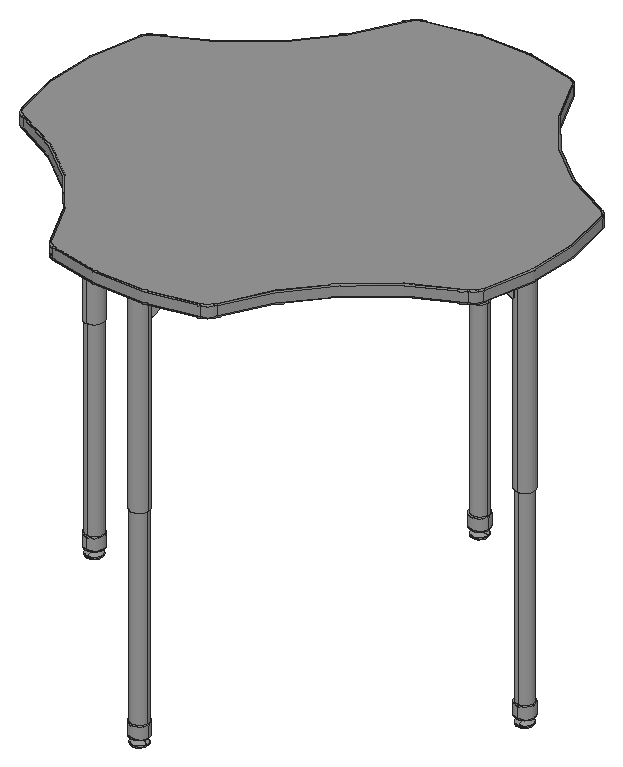
Revit family "Hierarchy Activity 48in Clover Table - Standing Height", category Furniture, Revit 2018
Family settings
  Work Plane-Based = No
  Always vertical = Yes
  Cut with Voids When Loaded = No
  Shared = No
  Room Calculation Point = No
Parameters
  Table Height = 3' - 5"
  Surface = Hierarchy Activity 48" Clover Table Standing Surface
  Leg Finish = Hierarchy Leg Platinum
  Edgeband = Hierarchy Activity 48" Clover Table Standing Edgeband
  Caster/Glide = Hierarchy Standing Leg - Glide : Hierarchy Standing Leg - Glide
Reference planes (in)
  plane 1 "Center (Front/Back)": y = 0
  plane 2: z = 0
  plane 3 "Center (Left/Right)": x = 0
  plane 4: z = 41
Dimensions and locks (in)
  "Table Height": plane 4 to level
  aligned and locked: plane 2 to level
  aligned and locked: nested 1 to plane 4
Nested families (in)
  nested 1: "Activity 48x48 Clover Tabletop" at (0, 0, 17.075), type "Activity 48x48 Clover Tabletop"
  nested 2: "Hierarchy Standing Leg - Glide" at (0, 21, 0), Leg Height <- "Table Height", type <- "Caster/Glide", Leg Finish <- "Leg Finish", type "Hierarchy Standing Leg - Glide"
  nested 3: "Hierarchy Standing Leg - Glide" at (0, -21, 0) x (-1, 0, 0) z (0, 0, 1), Leg Height <- "Table Height", Leg Finish <- "Leg Finish", type "Hierarchy Standing Leg - Glide"
  nested 4: "Hierarchy Standing Leg - Glide" at (0, 21, 0), type <- "Caster/Glide", Leg Finish <- "Leg Finish", Leg Height <- "Table Height", type "Hierarchy Standing Leg - Glide"
  nested 5: "Hierarchy Standing Leg - Glide" at (21.26614, 0, 0) x (0, -1, 0) z (0, 0, 1), Leg Finish <- "Leg Finish", Leg Height <- "Table Height", type "Hierarchy Standing Leg - Glide"
  nested 6: "Hierarchy Standing Leg - Glide" at (-21.26614, 0, 0) x (0, 1, 0) z (0, 0, 1), type <- "Caster/Glide", Leg Finish <- "Leg Finish", Leg Height <- "Table Height", type "Hierarchy Standing Leg - Glide"
Definition of nested family "Activity 48x48 Clover Tabletop"
  Parameters (values of type "Activity 48x48 Clover Tabletop")
    Surface = none
    Edgeband = none
  Reference planes (in)
    plane 1 "Center (Front/Back)": y = 0
    plane 2: z = 0
    plane 3 "Center (Left/Right)": x = 0
  Forms (in)
    Extrusion 1, solid, material <- "Surface"
      sketch origin (0, 0, 0) x (1, 0, 0) y (0, 1, 0)
        loop
          arc (-7.0983, 22.82372) -> (-7.62556, 22.51321) -> (-7.96704, 22.00546) r 1.38189
          arc (-7.96704, 22.00546) -> (-13.40926, 13.64618) -> (-21.76854, 8.20396) r 24.1181
          arc (-21.76854, 8.20396) -> (-22.27629, 7.86247) -> (-22.58681, 7.33521) r 1.3819
          arc (-22.58681, 7.33521) -> (-23.71782, 0.07284) -> (-22.58681, -7.18953) r 23.88178
          arc (-22.58681, -7.18953) -> (-22.27629, -7.71679) -> (-21.76855, -8.05827) r 1.3819
          arc (-21.76855, -8.05827) -> (-13.40927, -13.50051) -> (-7.96704, -21.85978) r 24.11826
          arc (-7.96704, -21.85978) -> (-7.62555, -22.36753) -> (-7.0983, -22.67804) r 1.3819
          arc (-7.0983, -22.67804) -> (0.16407, -23.80906) -> (7.42645, -22.67804) r 23.88159
          arc (7.42645, -22.67804) -> (7.9537, -22.36752) -> (8.29519, -21.85978) r 1.3819
          arc (8.29519, -21.85978) -> (13.73742, -13.50051) -> (22.09669, -8.05827) r 24.1183
          arc (22.09669, -8.05827) -> (22.60444, -7.71679) -> (22.91495, -7.18953) r 1.38189
          arc (22.91495, -7.18953) -> (24.04596, 0.07284) -> (22.91495, 7.33521) r 23.88199
          arc (22.91495, 7.33521) -> (22.60444, 7.86247) -> (22.09669, 8.20396) r 1.38189
          arc (22.09669, 8.20396) -> (13.73742, 13.64619) -> (8.29519, 22.00546) r 24.11819
          arc (8.29519, 22.00546) -> (7.9537, 22.51321) -> (7.42645, 22.82372) r 1.38189
          arc (7.42645, 22.82372) -> (0.16407, 23.95473) -> (-7.0983, 22.82372) r 23.88186
      from 23.925 to 25.125
    Sweep 2, solid, material <- "Edgeband"
      path origin (0, 0, 0) x (1, 0, 0) y (0, 1, 0)
        loop
          arc (7.42645, 22.82372) -> (0.16407, 23.95473) -> (-7.0983, 22.82372) r 23.88186
          arc (-7.0983, 22.82372) -> (-7.62556, 22.51321) -> (-7.96704, 22.00546) r 1.38189
          arc (-7.96704, 22.00546) -> (-13.40926, 13.64618) -> (-21.76854, 8.20396) r 24.1181
          arc (-21.76854, 8.20396) -> (-22.27629, 7.86247) -> (-22.58681, 7.33521) r 1.3819
          arc (-22.58681, 7.33521) -> (-23.71782, 0.07284) -> (-22.58681, -7.18953) r 23.88178
          arc (-22.58681, -7.18953) -> (-22.27629, -7.71679) -> (-21.76855, -8.05827) r 1.3819
          arc (-21.76855, -8.05827) -> (-13.40927, -13.50051) -> (-7.96704, -21.85978) r 24.11826
          arc (-7.96704, -21.85978) -> (-7.62555, -22.36753) -> (-7.0983, -22.67804) r 1.3819
          arc (-7.0983, -22.67804) -> (0.16407, -23.80906) -> (7.42645, -22.67804) r 23.88159
          arc (7.42645, -22.67804) -> (7.9537, -22.36752) -> (8.29519, -21.85978) r 1.3819
          arc (8.29519, -21.85978) -> (13.73742, -13.50051) -> (22.09669, -8.05827) r 24.1183
          arc (22.09669, -8.05827) -> (22.60444, -7.71679) -> (22.91495, -7.18953) r 1.38189
          arc (22.91495, -7.18953) -> (24.04596, 0.07284) -> (22.91495, 7.33521) r 23.88199
          arc (22.91495, 7.33521) -> (22.60444, 7.86247) -> (22.09669, 8.20396) r 1.38189
          arc (22.09669, 8.20396) -> (13.73742, 13.64619) -> (8.29519, 22.00546) r 24.11819
          arc (8.29519, 22.00546) -> (7.9537, 22.51321) -> (7.42645, 22.82372) r 1.38189
      profile origin (0.16407, 23.95473, 0) x (0, -1, 0) y (0, 0, 1)
        loop
          line (0, 23.925) -> (0, 25.125)
          arc (0, 25.125) -> (-0.08352, 25.09041) -> (-0.11811, 25.00689) r 0.11811
          line (-0.11811, 25.00689) -> (-0.11811, 24.04311)
          arc (-0.11811, 24.04311) -> (-0.08352, 23.95959) -> (0, 23.925) r 0.11811
  Dimensions and locks (in)
    aligned and locked: plane 2 to level
Definition of nested family "Hierarchy Standing Leg - Glide"
  Parameters (values of type "Hierarchy Standing Leg - Glide")
    Leg Finish [instance] = none
    Leg Height [instance] = 3' - 5"
  Reference planes (in)
    plane 1 "Center (Front/Back)": y = 0
    plane 2: z = 0
    plane 3 "Center (Left/Right)": x = 0
  Forms (in)
    Extrusion 1, solid
      sketch origin (-0.01562, 0, 0) x (1, 0, 0) y (0, 1, 0)
        loop
          circle (0.01563, 0) r 0.79147
      from 2 to 23.175
    Revolve 2, solid
      sketch origin (0, 0, 0) x (1, 0, 0) y (0, 0, 1)
        loop
          line (0, 2) -> (0, 0.74937) -> (0.84838, 0.74937)
          arc (0.84838, 0.74937) -> (0.89342, 0.76803) -> (0.91207, 0.81306) r 0.06369
          line (0.91207, 0.81306) -> (0.91207, 1.93631)
          arc (0.91207, 1.93631) -> (0.89342, 1.98134) -> (0.84838, 2) r 0.06369
          line (0.84838, 2) -> (0, 2)
        axis (0, 2) -> (0, 0.74937)
      angle from 0 to 360
    Revolve 3, solid
      sketch origin (0, 0, 0) x (1, 0, 0) y (0, 0, 1)
        loop
          line (0, 0.75) -> (0, 0) -> (0.74583, 0) -> (0.79147, 0.09013) -> (0.79147, 0.16241) -> (0.12474, 0.5) -> (0.12474, 0.75) -> (0, 0.75)
        axis (0, 0.75) -> (0, 0)
      angle from 0 to 360
  Dimensions and locks (in)
    "Leg Height": nested 1 to level
    aligned and locked: plane 2 to level
  Automatic sketch dimensions
    plane 1 "Center (Front/Back)" to Extrusion 1 sketch curve = 0' - 0"
    Extrusion 1 sketch curve to plane 3 "Center (Left/Right)" = 0' - 0"
    Revolve 2 sketch curve to plane 3 "Center (Left/Right)" = 0' - 0"  (x2)
    plane 3 "Center (Left/Right)" to Revolve 2 sketch curve = 0' - 0.84838"
    Revolve 2 sketch curve to Revolve 2 sketch curve = 0' - 0.84838"
    Revolve 2 sketch curve to Revolve 2 sketch curve = 0' - 0.06369"
    level to Revolve 2 sketch curve = 0' - 0.74937"
    Revolve 2 sketch curve to Revolve 2 sketch curve = 0' - 1.12324"
    Revolve 2 sketch curve to Revolve 2 sketch curve = 0' - 0.13731"
    Revolve 2 sketch curve to Revolve 2 sketch curve = 0' - 0 3/4"
    Revolve 3 sketch curve to plane 3 "Center (Left/Right)" = 0' - 0"  (x2)
    Revolve 3 sketch curve to level = 0' - 0"
    plane 3 "Center (Left/Right)" to Revolve 3 sketch curve = 0' - 0.12474"
    plane 3 "Center (Left/Right)" to Revolve 3 sketch curve = 0' - 0.74583"
    Revolve 3 sketch curve to Revolve 3 sketch curve = 0' - 0.04564"
    level to Revolve 3 sketch curve = 0' - 0.09013"
    Revolve 3 sketch curve to Revolve 3 sketch curve = 0' - 0.07228"
    level to Revolve 3 sketch curve = 0' - 0 1/2"
    Revolve 3 sketch curve to Revolve 3 sketch curve = 0' - 0 1/4"
    Revolve 3 sketch curve to level = 0' - 0 1/8"
    Revolve 3 sketch curve to Revolve 3 sketch curve = 0' - 0 1/8"
    radius of Extrusion 1 sketch curve = 0' - 0.79147"
  Nested families (in)
    nested 1: "Hierarchy Standing Upper Leg 2023" at (0, 0, 0.19983), Leg Finish <- "Leg Finish", type "Hierarchy Standing Upper Leg 2023"
      with Leg Finish none
  Definition of nested family "Hierarchy Standing Upper Leg 2023"
    Parameters (values of type "Hierarchy Standing Upper Leg 2023")
      Leg Finish [instance] = none
    Reference planes (in)
      plane 1 "Center (Front/Back)": y = 0
      plane 2: z = 0
      plane 3 "Center (Left/Right)": x = 0
    Forms (in)
      Extrusion 1, solid, material <- "Leg Finish"
        sketch origin (0, 0, 0) x (1, 0, 0) y (0, 1, 0)
          loop
            circle (0, 0) r 0.9129
        from 20.67418 to 40.67418
      Extrusion 2, solid, material <- "Leg Finish"
        sketch origin (0, 0, 12.998) x (1, 0, 0) y (0, 1, 0)
          loop
            line (-1.70174, 0.19183) -> (-3.96611, -4.49738)
            arc (-3.96611, -4.49738) -> (-3.91977, -5.33444) -> (-3.18615, -5.74016) r 0.86614
            line (-3.18615, -5.74016) -> (3.18615, -5.74016)
            arc (3.18615, -5.74016) -> (3.91977, -5.33444) -> (3.96611, -4.49738) r 0.86614
            line (3.96611, -4.49738) -> (1.70174, 0.19183)
            arc (1.70174, 0.19183) -> (0, 1.25984) -> (-1.70174, 0.19183) r 1.88976
        from 27.67618 to 27.80217
      Extrusion 3, solid, material <- "Leg Finish"
        sketch origin (12.41967, 1.58692, 0) x (0.434844, 0.900506, 0) y (0, 0, 1)
          loop
            arc (-12.68776, 40.67418) -> (-12.80559, 40.56418) -> (-12.70394, 40.43908) r 0.11811
            arc (-12.70394, 40.43908) -> (-9.98192, 39.53509) -> (-7.76426, 37.71614) r 7.87402
            arc (-7.76426, 37.71614) -> (-7.63344, 37.68136) -> (-7.55587, 37.79229) r 0.11811
            line (-7.55587, 37.79229) -> (-7.55587, 40.67418) -> (-12.68776, 40.67418)
        from -11.10976 to -10.98378
      Extrusion 4, solid, material <- "Leg Finish"
        sketch origin (-12.41967, 1.58692, 0) x (-0.434844, 0.900506, 0) y (0, 0, -1)
          loop
            line (-12.68776, -40.67418) -> (-7.55587, -40.67418) -> (-7.55587, -37.79229)
            arc (-7.55587, -37.79229) -> (-7.63344, -37.68136) -> (-7.76426, -37.71614) r 0.11811
            arc (-7.76426, -37.71614) -> (-9.98192, -39.53509) -> (-12.70394, -40.43908) r 7.87402
            arc (-12.70394, -40.43908) -> (-12.80559, -40.56418) -> (-12.68776, -40.67418) r 0.11811
        from -11.10976 to -10.98378
    Dimensions and locks (in)
      aligned and locked: plane 2 to level
